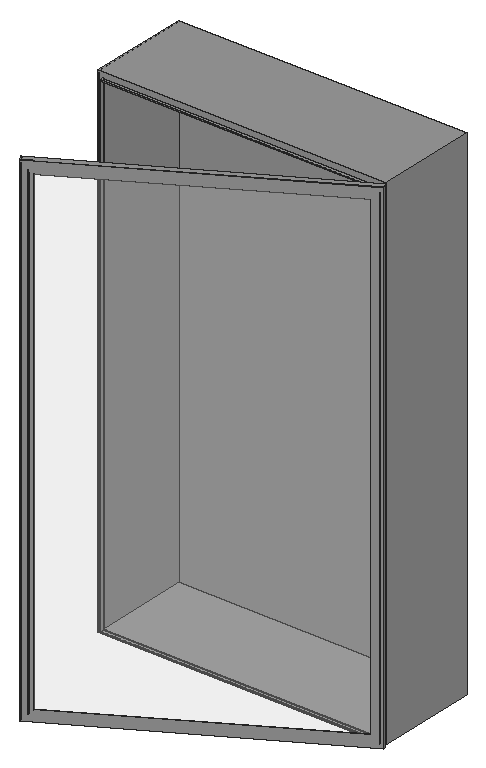
Revit family "Hager-Orion_Inox-IP66-D300-Cl.I-Inox_encl-630A-1400mm-NoHosted-CH-en", category Electrical Equipment, Revit 2020
Family settings
  Panel Configuration = Two Columns, Circuits Across
  Round Connector Dimension = Use Diameter
  Part Type = Panelboard
  Work Plane-Based = Yes
  Always vertical = Yes
  Cut with Voids When Loaded = No
  Shared = No
  Room Calculation Point = No
Parameters (values of type "Surface mounted (plaster) IP66 W800 H1400 D300  - FL049TWL")
  Width Control [instance] = if([EF000008 - Width] > Min Width, [EF000008 - Width], Min Width)  # 800 mm
  Type Comments = [HG000003 - Range]  # "Orion Inox"
  Thickness Door [instance] = if([EF009171 - Material plate thickness door/cover] > 3 mm, 3 mm, [EF009171 - Material plate thickness door/cover])  # 1.5 mm
  Seal Frame Offset [instance] = 17 mm  # constant formula
  Min Width [instance] = 100 mm  # constant formula
  Min Depth [instance] = (2 * [EF009170 - Material plate thickness cabinet]) + 1 mm  # 4 mm
  Min Height [instance] = 100 mm  # constant formula
  Internal Frame Depth [instance] = -(Door System Depth * 0.5)  # -9 mm
  Panel Name [instance] = ""  # (empty or 0)
  Model = ""
  HG000027 - Plinth height = 0 mm
  HG000026 - Floor standing = no
  HG000024 - Bottom section height = 600 mm
  HG000023 - Double section enclosure = no
  HG000016 - Door 3d visibility [instance] = yes
  HG000015 - Clearance visibility [instance] = no
  HG000014 - Door on the right [instance] = yes
  HG000013 - Door on the left [instance] = not([HG000014 - Door on the right])  # no
  HG000012 - Door swing angle [instance] = 30.00°
  HG000010 - Asymmetric doors = no
  HG000009 - Double swing door = no
  HG000006 - Flush mounted = no
  HG000004 - Manufacturer reference = "FL049TWL"
  HG000003 - Range = "Orion Inox"
  HG000002 - With door or cover = yes
  Frame Offset Bottom [instance] = 10 mm  # constant formula
  Frame Offset [instance] = 15 mm  # constant formula
  EF015940 - Cover with overpressure release = no
  EF011959 - Degree of protection (NEMA) = ""
  EF009554 - Number of openings for flange plates = 0
  EF009212 - Cover model = "EV000116 - Closed"
  EF009171 - Material plate thickness door/cover = 1.5 mm
  EF009170 - Material plate thickness cabinet = 1.5 mm
  EF008873 - Nominal current (In) = 630 A
  EF007800 - Suitable for lightning protection = no
  EF006306 - With lock = yes
  EF006244 - Transparent cover/door = yes
  EF005474 - Degree of protection (IP) = "EV006422 - IP66"
  EF004464 - Type of door = "EV002646 - Single"
  EF004427 - Number of modules = 0
  EF004293 - Impact strength = "EV006814 - IK08"
  EF003532 - Suitable for outdoor use = yes
  EF002950 - Width in number of modular spacings = 0
  EF001613 - Circuit integrity = "EV000494 - None"
  EF001596 - Material housing = "EV000166 - Stainless steel"
  EF001131 - Internal depth = 266 mm
  EF001088 - Extension possible = yes
  EF000437 - Number of conduit inlets = 0
  EF000339 - Type of cover = "EV004216 - Door"
  EF000266 - Number of rows = 0
  EF000218 - Built-in depth = 0 mm
  EF000118 - With mounting plate = no
  EF000116 - RAL-number = ""
  EF000049 - Depth = 300 mm
  EF000040 - Height = 1400 mm
  EF000008 - Width = 800 mm
  EF000007 - Colour = "EV000154 - Other"
  EF000003 - Mounting method = "EV000384 - Surface mounted (plaster)"
  Door System Leaf Tolerance [instance] = 1.5 mm  # constant formula
  Door System Depth [instance] = 18 mm  # constant formula
  Description = ""
  Default Elevation = 1219.2 mm
  Connector Offset [instance] = Height Control / 2  # 700 mm
  Manufacturer = "Hager"  # constant formula
  Height Control [instance] = if([EF000040 - Height] > Min Height, [EF000040 - Height], Min Height)  # 1400 mm
  Depth Control [instance] = if([EF000049 - Depth] > Min Depth, [EF000049 - Depth], Min Depth)  # 300 mm
Types (4, lengths in mm): name | HG000004 - Manufacturer reference | EF006244 - Transparent cover/door | EF004293 - Impact strength
  Surface mounted (plaster) IP66 W800 H1400 D300  - FL049BW | "FL049BW" | no | "EV008784 - IK10"
  Surface mounted (plaster) IP66 W800 H1400 D300  - FL049BWL | "FL049BWL" | no | "EV008784 - IK10"
  Surface mounted (plaster) IP66 W800 H1400 D300  - FL049TW | "FL049TW" | yes | "EV006814 - IK08"
  Surface mounted (plaster) IP66 W800 H1400 D300  - FL049TWL | "FL049TWL" | yes | "EV006814 - IK08"
Reference planes
  plane 1 "Center (Front/Back)": y = 0
  plane 2: z = 0
  plane 3 "Center (Left/Right)": x = 0
  plane 4: y = 0
  plane 5: y = 0
  plane 6: z = 0
  plane 7: x = -400
  plane 8: x = 400
  plane 9: x = 398.5
  plane 10: x = -398.5
  plane 11: z = 0
  plane 12: z = 1.5
  plane 13: y = -300
  plane 14: y = -1.5
  plane 15: x = 0
  plane 16: y = -282
  plane 17: y = -298.5
  plane 18: y = -280.5
  plane 19: x = -383.5
  plane 20: x = 383.5
  plane 21: z = 11.5
  plane 22: x = -383
  plane 23: x = 383
  plane 24: z = 0
  plane 25: z = 1400
  plane 26: z = 1400
  plane 27: z = 1383.5
  plane 28: z = 1398.5
Forms (mm)
  Extrusion 1, solid, material "Hager_Stainless_Steel", detail levels medium+fine
    sketch origin (-208.679, -4572, 0) x (-1, 0, 0) y (0, -1, 0)
      loop
        line (191.321, -4290) -> (-608.679, -4290) -> (-608.679, -4572) -> (191.321, -4572) -> (191.321, -4290)
    from 0 to 1400
  Extrusion 2, void
    sketch origin (-350.771, -300, 1219.2) x (1, 0, 0) y (0, 0, 1)
      loop
        line (-47.729, 179.3) -> (-47.729, -1217.7) -> (749.271, -1217.7) -> (749.271, 179.3) -> (-47.729, 179.3)
    from -19.5 to -298.5
  Extrusion 3, void
    sketch origin (-290.084, -282, 1219.2) x (1, 0, 0) y (0, 0, 1)
      loop
        line (-93.416, -1207.7) -> (673.584, -1207.7) -> (673.584, 164.3) -> (-93.416, 164.3) -> (-93.416, -1207.7)
    from 0 to -1.5
  Extrusion 4, solid, material "Hager_Stainless_Steel", detail levels fine
    sketch origin (-290.084, -282, 1219.2) x (-1, 0, 0) y (0, 0, 1)
      loop
        line (-673.584, -1207.7) -> (93.416, -1207.7) -> (93.416, 164.3) -> (-673.584, 164.3) -> (-673.584, -1207.7)
      loop
        line (-675.084, -1209.2) -> (94.916, -1209.2) -> (94.916, 165.8) -> (-675.084, 165.8) -> (-675.084, -1209.2)
    from 0 to -9 <- "Internal Frame Depth"
  Extrusion 5, solid, material "Hager_Stainless_Steel", detail levels coarse
    sketch origin (0, 0, 0) x (1, 0, 0) y (0, 1, 0)
      loop
        line (-400, 0) -> (-400, -300) -> (400, -300) -> (400, 0) -> (-400, 0)
    from 0 to 1400 <- "Height Control"
Cuts and joins
  Extrusion 2, Extrusion 3 cuts Extrusion 1
Lines and regions (mm)
  Masking region 1
    outline origin (0, 0, 0) x (1, 0, 0) y (0, 1, 0)
      loop
        line (-400, 0) -> (-400, -300) -> (400, -300) -> (400, 0) -> (-400, 0)
  Masking region 2
    outline origin (-290.084, -282, 1219.2) x (-1, 0, 0) y (0, 0, 1)
      loop
        line (-690.084, -1219.2) -> (109.916, -1219.2) -> (109.916, 180.8) -> (-690.084, 180.8) -> (-690.084, -1219.2)
  Masking region 3, detail levels coarse
    outline origin (0, 0, 0) x (0, 1, 0) y (0, 0, 1)
      loop
        line (0, 0) -> (0, 1400) -> (-300, 1400) -> (-300, 0) -> (0, 0)
  Masking region 4, detail levels medium+fine
    outline origin (0, 0, 594.038) x (0, 1, 0) y (0, 0, 1)
      loop
        line (0, -594.038) -> (0, 805.962) -> (-282, 805.962) -> (-282, -594.038) -> (0, -594.038)
Dimensions and locks
  locked: plane 1 "Center (Front/Back)" to plane 5
  "EF009170 - Material plate thickness cabinet": plane 7 to plane 10
  "EF009170 - Material plate thickness cabinet": plane 8 to plane 9
  equal spacing: plane 7, plane 3 "Center (Left/Right)", plane 8
  "Width Control": plane 7 to plane 8
  "Depth Control": plane 4 to plane 13
  "EF009170 - Material plate thickness cabinet": plane 4 to plane 14
  "Height Control": plane 25 to level
  "EF009170 - Material plate thickness cabinet": plane 12 to plane 11
  "EF009170 - Material plate thickness cabinet": plane 17 to plane 13
  "EF009170 - Material plate thickness cabinet": plane 18 to plane 16
  "Frame Offset Bottom": plane 21 to plane 12
  "Frame Offset": plane 10 to plane 19
  "Frame Offset": plane 9 to plane 20
  "Door System Depth": plane 16 to plane 13
  "Seal Frame Offset": plane 7 to plane 22
  "Seal Frame Offset": plane 8 to plane 23
  "EF009170 - Material plate thickness cabinet": plane 26 to plane 28
  "Frame Offset": plane 28 to plane 27
  "Connector Offset": plane 2 to connector elem
  "Thickness Door": cut or joined group of Extrusion 1, Extrusion 2, Extrusion 3 to Extrusion 4 sketch curve
  "Thickness Door": Extrusion 4 sketch curve to plane 19
  "Thickness Door": Extrusion 4 sketch curve to plane 20
  "Thickness Door": Extrusion 4 sketch curve to plane 27
  aligned and locked: Extrusion 2 sketch curve to plane 12
  aligned and locked: Extrusion 2 sketch curve to plane 9
  aligned and locked: Extrusion 2 sketch curve to plane 10
  aligned and locked: Extrusion 2 to plane 14
  aligned and locked: Extrusion 1 sketch curve to plane 4
  aligned and locked: plane 8 to Extrusion 1 sketch curve
  aligned and locked: plane 7 to Extrusion 1 sketch curve
  aligned and locked: Extrusion 2 to plane 18
  aligned and locked: Extrusion 3 sketch curve to plane 19
  aligned and locked: plane 20 to Extrusion 3 sketch curve
  aligned and locked: Extrusion 3 to Extrusion 2
  aligned and locked: Extrusion 3 sketch curve to plane 21
  aligned and locked: plane 3 "Center (Left/Right)" to nested 1
  aligned and locked: Extrusion 1 sketch curve to plane 16
  aligned and locked: Masking region 1 sketch curve to plane 7
  aligned and locked: Masking region 1 sketch curve to plane 5
  aligned and locked: Masking region 1 sketch curve to plane 8
  aligned and locked: Masking region 2 sketch curve to level
  aligned and locked: level to Masking region 3 sketch curve
  aligned and locked: plane 1 "Center (Front/Back)" to Masking region 3 sketch curve
  aligned and locked: plane 13 to Masking region 3 sketch curve
  aligned and locked: Masking region 2 sketch curve to plane 8
  aligned and locked: Masking region 2 sketch curve to plane 7
  aligned and locked: plane 7 to nested 2
  aligned and locked: nested 2 to plane 5
  aligned and locked: plane 5 to Masking region 4 sketch curve
  aligned and locked: plane 26 to Masking region 4 sketch curve
  aligned and locked: Extrusion 5 sketch curve to plane 8
  aligned and locked: Extrusion 5 sketch curve to plane 7
  aligned and locked: Extrusion 5 sketch curve to plane 5
  aligned and locked: Extrusion 3 sketch curve to plane 27
  aligned and locked: Extrusion 2 sketch curve to plane 28
  aligned and locked: Extrusion 4 sketch curve to plane 27
  aligned and locked: Extrusion 4 sketch curve to plane 20
  aligned and locked: Extrusion 4 sketch curve to plane 21
  aligned and locked: Extrusion 4 sketch curve to plane 19
  aligned and locked: Masking region 2 to plane 25
  aligned and locked: Masking region 4 sketch curve to plane 24
  aligned and locked: Masking region 1 to plane 13
  aligned and locked: nested 1 to plane 16
  aligned and locked: Masking region 3 to plane 25
  aligned and locked: Masking region 4 sketch curve to plane 16
  aligned and locked: plane 24 to plane 11
  aligned and locked: plane 26 to plane 25
  aligned and locked: level to plane 24
  aligned and locked: Extrusion 1 to Masking region 3
  aligned and locked: level to nested 1
Automatic sketch dimensions
  Extrusion 5 sketch curve to plane 13 = 0 mm
  plane 27 to Masking region 2 sketch curve = 16.5 mm
  plane 27 to Masking region 3 sketch curve = 16.5 mm
  Masking region 1 sketch curve to plane 13 = 0 mm
  Extrusion 3 sketch curve to plane 21 = 0 mm
  plane 19 to Extrusion 3 sketch curve = 0 mm
  Extrusion 3 sketch curve to plane 20 = 0 mm
Nested families
  nested 1: "EC000058_OrionInox_Door" at (0, -282, 0), Double <- "HG000009 - Double swing door", Transparent <- "EF006244 - Transparent cover/door", Angle <- "HG000012 - Door swing angle", Door_Right <- "HG000014 - Door on the right", Assymetrical <- "HG000010 - Asymmetric doors", Door <- "HG000002 - With door or cover", Width_Ctrl <- "Width Control", 3d_Door <- "HG000016 - Door 3d visibility", Clearance <- "HG000015 - Clearance visibility", Door_Left <- "HG000013 - Door on the left", Width <- "Width Control", Door_Depth <- "Door System Depth", Leaf_Tolerance <- "Door System Leaf Tolerance", Height <- "Height Control", Thickness <- "Thickness Door", type "EC000058_OrionInox_Door", detail levels medium+fine
    with min_wh 4 mm, Width_Ctrl 800 mm, Width 800 mm, Transparent yes, Thickness 1.5 mm, Seal_Material Hager_Rubber, Leaf_Width 800 mm, Leaf_Tolerance_External_Sides 0 mm, Leaf_Tolerance 1.5 mm, Leaf_Offset 0 mm, Leaf_Height 1397 mm, Leaf_2_Width 800 mm, Leaf_2_Offset 400 mm, Leaf_1_Width 800 mm, Leaf_1_Offset 400 mm, Height_Ctrl 1400 mm, Height 1400 mm, Glass_Material Hager_Glass, Double_Clearance_Ctrl no, Double no, Door_Right_Ctrl yes, Door_Right yes, Door_Material Hager_Stainless_Steel, Door_Left_Ctrl no, Door_Left no, Door_Depth 18 mm, Door yes, Clearance_Material Hager_Clearance, Clearance_Depth 800 mm, Clearance_Ctrl no, Clearance no, Assymetrical no, Angle 30.00°, 3d_Door yes
  nested 2: "Hager_Enclosure_Symbol" at (-400, 0, 0), Height <- "Depth Control", Width <- "Width Control", type "Hager_Enclosure_Symbol"
    with Width_Ctrl 800 mm, Width 800 mm, Height_Ctrl 300 mm, Height 300 mm, A_Width_Int 19.688 mm, A_Width 236.25 mm, A_Height_Ctrl 262.5 mm, A_Height 262.5 mm
Connectors
  electrical at (0, 0, 700)
    settings: on plane 1 "Center (Front/Back)", index 1, voltage 0 V, apparent load 0 VA, apparent load phase1 0 VA, apparent load phase2 0 VA, apparent load phase3 0 VA, power factor 1, load classification "Other", number of poles 1, system type 30, power factor state 1, is connector primary yes, connector utility no, sub classification motor no, connector description ""
Definition of nested family "EC000058_OrionInox_Door"
  Parameters (values of type "EC000058_OrionInox_Door")
    min_wh [instance] = (2 * Thickness) + 1 mm  # 11 mm
    Width_Ctrl [instance] = 400 mm
    Width [instance] = 500 mm
    Transparent [instance] = yes
    Thickness [instance] = 5 mm
    Seal_Material [instance] = none
    Leaf_Width [instance] = if((Width_Ctrl - 2 * Leaf_Tolerance_External_Sides) > 0 mm, (Width_Ctrl - 2 * Leaf_Tolerance_External_Sides), min_wh)  # 400 mm
    Leaf_Tolerance_External_Sides [instance] = 0 mm  # constant formula
    Leaf_Tolerance [instance] = 1.5 mm
    Leaf_Offset [instance] = 0 mm  # constant formula
    Leaf_Height [instance] = if((Height_Ctrl - 2 * Leaf_Tolerance) > 0 mm, (Height_Ctrl - 2 * Leaf_Tolerance), min_wh)  # 497 mm
    Leaf_2_Width [instance] = if(and(and(Double, Assymetrical), Door_Left), (Leaf_Width / 3) - (Leaf_Tolerance / 2), if(and(and(Double, Assymetrical), Door_Right), (Leaf_Width / 3) * 2 - (Leaf_Tolerance / 2), if(and(Double, not(Assymetrical)), (Leaf_Width / 2) - Leaf_Tolerance, Leaf_Width)))  # 400 mm
    Leaf_2_Offset [instance] = if(and(Double, Assymetrical), Leaf_2_Width / 2, if(and(Double, not(Assymetrical)), Leaf_Width / 4, Leaf_Width / 2))  # 200 mm
    Leaf_1_Width [instance] = if(and(and(Double, Assymetrical), Door_Right), (Leaf_Width / 3) - (Leaf_Tolerance / 2), if(and(and(Double, Assymetrical), Door_Left), (Width / 3) * 2 - (Leaf_Tolerance / 2), if(and(Double, not(Assymetrical)), (Leaf_Width / 2) - Leaf_Tolerance, Leaf_Width)))  # 400 mm
    Leaf_1_Offset [instance] = if(and(Double, Assymetrical), Leaf_1_Width / 2, if(and(Double, not(Assymetrical)), Leaf_Width / 4, Leaf_Width / 2))  # 200 mm
    Height_Ctrl [instance] = if(Height > min_wh, Height, min_wh)  # 500 mm
    Height [instance] = 500 mm
    Glass_Material [instance] = none
    Double_Clearance_Ctrl [instance] = and(Double, Clearance)  # no
    Double [instance] = no
    Door_Right_Ctrl [instance] = and(or(Door_Right, Double), Door)  # yes
    Door_Right [instance] = yes
    Door_Material [instance] = none
    Door_Left_Ctrl [instance] = and(or(Door_Left, Double), Door)  # no
    Door_Left [instance] = no
    Door_Depth [instance] = 30 mm
    Door [instance] = yes
    Default Elevation = 1219.2 mm
    Clearance_Material [instance] = none
    Clearance_Depth [instance] = if(Leaf_1_Width > Leaf_2_Width, Leaf_1_Width, Leaf_2_Width)  # 400 mm
    Clearance_Ctrl [instance] = and(not(Double), Clearance)  # yes
    Clearance [instance] = yes
    Assymetrical [instance] = yes
    Angle [instance] = 30.00°
    3d_Door [instance] = yes
  Reference planes
    plane 1 "Center (Front/Back)": y = 0
    plane 2 "Bottom": z = 0
    plane 3 "Center (Left/Right)": x = 0
    plane 4: z = 500
    plane 5: x = -200
    plane 6: x = 200
    plane 7: z = 500
    plane 8: x = -200
    plane 9: z = 0
    plane 10: x = 200
    plane 11: y = 0
    plane 12: z = 1.5
    plane 13: x = -600
    plane 14: y = -400
    plane 15: x = 600
    plane 16: x = 0
    plane 17: x = 0
    plane 18: x = -200
    plane 19: x = 200
    plane 20: z = 498.5
  Forms (mm)
    Extrusion 1, solid, material <- "Clearance_Material", visible <- "Double_Clearance_Ctrl"
      sketch origin (1200, 0, 0) x (1, 0, 0) y (0, 0, -1)
        loop
          line (-1800, -498.5) -> (-600, -498.5) -> (-600, 0) -> (-1800, 0) -> (-1800, -498.5)
      from 0 to -400
  Dimensions and locks
    equal spacing: plane 5, plane 3 "Center (Left/Right)", plane 6
    "Width_Ctrl": plane 5 to plane 6
    "Leaf_Offset": plane 5 to plane 8
    "Leaf_Offset": plane 6 to plane 10
    "Leaf_Offset": plane 9 to level
    "Leaf_Offset": plane 4 to plane 7
    "Height_Ctrl": plane 4 to level
    "Leaf_Tolerance": plane 12 to plane 9
    locked: plane 11 to plane 1 "Center (Front/Back)"
    "Leaf_1_Offset": plane 18 to plane 16
    "Leaf_2_Offset": plane 17 to plane 19
    "Leaf_1_Width": plane 13 to plane 8
    "Leaf_2_Width": plane 10 to plane 15
    "Clearance_Depth": plane 14 to plane 1 "Center (Front/Back)"
    "Leaf_Tolerance_External_Sides": plane 8 to plane 18
    "Leaf_Tolerance_External_Sides": plane 19 to plane 10
    "Leaf_Tolerance": plane 7 to plane 20
    aligned and locked: level to plane 2 "Bottom"
    aligned and locked: nested 1 to plane 16
    aligned and locked: nested 2 to plane 17
    aligned and locked: Extrusion 1 to plane 13
    aligned and locked: plane 15 to Extrusion 1
    aligned and locked: Extrusion 1 to plane 14
    aligned and locked: plane 12 to nested 1
    aligned and locked: nested 2 to plane 12
    aligned and locked: Extrusion 1 to plane 11
    aligned and locked: plane 20 to Extrusion 1
    aligned and locked: nested 2 to plane 11
    aligned and locked: nested 1 to plane 11
  Automatic sketch dimensions
    Extrusion 1 sketch curve to level = 0 mm
    plane 5 to Extrusion 1 sketch curve = 400 mm
    plane 6 to Extrusion 1 sketch curve = 400 mm
    Extrusion 1 sketch curve to plane 4 = 1.5 mm
  Nested families
    nested 1: "EC000058_OrionInox_Door_Leaf" at (0, 0, 1.5), Width <- "Leaf_1_Width", visible <- "Door_Left_Ctrl", Leaf_Height <- "Leaf_Height", Angle <- "Angle", 3d_Door <- "3d_Door", Transparent <- "Transparent", Clearance Material <- "Clearance_Material", Clearance <- "Clearance_Ctrl", Door_Material <- "Door_Material", Glass_Material <- "Glass_Material", Door_Depth <- "Door_Depth", Seal_Material <- "Seal_Material", Thickness <- "Thickness", type "EC000058_OrionInox_Door_Leaf"
      with Width 400 mm, Transparent_Ctrl yes, Transparent yes, Thickness 5 mm, Standard no, Seal_Material none, Seal_D2 8 mm, Seal_D1 1 mm, Offset_Internal_Frame 10 mm, Lock_Width 28 mm, Lock_Thickness 2 mm, Lock_Radius 6 mm, Leaf_Height 497 mm, Internal_Seal_Thickness 8 mm, Internal_Seal_Depth_2 4.5 mm, Internal_Frame_Depth 25 mm, Glass_Thickness -1 mm, Glass_Offset -2 mm, Glass_Material none, Door_Material none, Door_Depth 30 mm, Clearance Material none, Clearance yes, Angle_Ctrl 30.00°, Angle 30.00°, 3d_Door yes
    nested 2: "EC000058_OrionInox_Door_Leaf" at (0, 0, 1.5) x (-1, 0, 0) z (0, 0, 1), Width <- "Leaf_2_Width", visible <- "Door_Right_Ctrl", Leaf_Height <- "Leaf_Height", Angle <- "Angle", 3d_Door <- "3d_Door", Transparent <- "Transparent", Clearance Material <- "Clearance_Material", Clearance <- "Clearance_Ctrl", Door_Material <- "Door_Material", Glass_Material <- "Glass_Material", Door_Depth <- "Door_Depth", Seal_Material <- "Seal_Material", Thickness <- "Thickness", type "EC000058_OrionInox_Door_Leaf"
      with Width 400 mm, Transparent_Ctrl yes, Transparent yes, Thickness 5 mm, Standard no, Seal_Material none, Seal_D2 8 mm, Seal_D1 1 mm, Offset_Internal_Frame 10 mm, Lock_Width 28 mm, Lock_Thickness 2 mm, Lock_Radius 6 mm, Leaf_Height 497 mm, Internal_Seal_Thickness 8 mm, Internal_Seal_Depth_2 4.5 mm, Internal_Frame_Depth 25 mm, Glass_Thickness -1 mm, Glass_Offset -2 mm, Glass_Material none, Door_Material none, Door_Depth 30 mm, Clearance Material none, Clearance yes, Angle_Ctrl 30.00°, Angle 30.00°, 3d_Door yes
  Definition of nested family "EC000058_OrionInox_Door_Leaf"
    Parameters (values of type "EC000058_OrionInox_Door_Leaf")
      Width [instance] = 450 mm
      Transparent_Ctrl [instance] = and(Transparent, [3d_Door])  # yes
      Transparent [instance] = yes
      Thickness [instance] = 5 mm
      Standard [instance] = and(not(Transparent), [3d_Door])  # no
      Seal_Material [instance] = none
      Seal_D2 [instance] = 8 mm  # constant formula
      Seal_D1 [instance] = 1 mm  # constant formula
      Offset_Internal_Frame [instance] = 10 mm  # constant formula
      Lock_Width [instance] = Door_Depth - Lock_Thickness  # 28 mm
      Lock_Thickness [instance] = 2 mm  # constant formula
      Lock_Radius [instance] = 6 mm  # constant formula
      Leaf_Height [instance] = 450 mm
      Internal_Seal_Thickness [instance] = 8 mm  # constant formula
      Internal_Seal_Depth_2 [instance] = 4.5 mm  # constant formula
      Internal_Frame_Depth [instance] = if(Door_Depth - Thickness > 5 mm, Door_Depth - Thickness, 5 mm)  # 25 mm
      Glass_Thickness [instance] = if(Thickness > 15 mm, Glass_Offset + 10 mm, -1 mm)  # -1 mm
      Glass_Offset [instance] = if(Thickness > 15 mm, -(Thickness + 10 mm) / 2, -2 mm)  # -2 mm
      Glass_Material [instance] = none
      Door_Material [instance] = none
      Door_Depth [instance] = 30 mm
      Default Elevation = 0 mm
      Clearance Material [instance] = none
      Clearance [instance] = yes
      Angle_Ctrl [instance] = if(Angle > 180.00°, 180.00°, Angle)  # 90.00°
      Angle [instance] = 90.00°
      3d_Door [instance] = yes
    Reference planes
      plane 1 "Center (Front/Back)": y = 0
      plane 2: z = 0
      plane 3 "Center (Left/Right)": x = 0
      plane 4: y = 450
      plane 5: x = -225
      plane 6: x = 225
      plane 7: x = -675
      plane 8: z = 450
      plane 9: z = 30
      plane 10: z = 420
      plane 11: x = 195
      plane 12: x = -195
      plane 13: y = -3
      plane 14: z = 107.833
      plane 15: y = -5
      plane 16: y = -223.314
      plane 17: x = -225
      plane 18: y = 30
    Forms (mm)
      Extrusion 1, solid, material <- "Clearance Material", visible <- "Clearance"
        sketch origin (0, 0, 0) x (1, 0, 0) y (0, 0, 1)
          loop
            line (-675, 450) -> (-675, 0) -> (225, 0) -> (225, 450) -> (-675, 450)
        from 0 to -450
      Extrusion 2, solid, material <- "Door_Material", visible <- "Standard", detail levels medium+fine
        sketch origin (-225, 0, 0) x (0, 1, 0) y (-1, 0, 0)
          loop
            line (0, 30) -> (0, 25) -> (450, 25) -> (450, 30) -> (0, 30)
        from 0 to 450 <- "Leaf_Height"
      Extrusion 3, solid, material <- "Door_Material", visible <- "Transparent_Ctrl", detail levels medium+fine
        sketch origin (-225, 0, 0) x (0, 1, 0) y (-1, 0, 0)
          loop
            line (0, 25) -> (450, 25) -> (450, 30) -> (0, 30) -> (0, 25)
        from 0 to 450 <- "Leaf_Height"
      Extrusion 4, void
        sketch origin (-250, 450, 0) x (0, 1, 0) y (0, 0, -1)
          loop
            line (-30, -420) -> (-30, -30) -> (-420, -30) -> (-420, -420) -> (-30, -420)
        from 0 to 5 <- "Thickness"
      Sweep 5, solid, material <- "Seal_Material", visible <- "Transparent_Ctrl", detail levels fine
        path in 3D
          loop
            line (-250, 30, 30) -> (-250, 30, 420) -> (-250, 420, 420) -> (-250, 420, 30) -> (-250, 30, 30)
        profile origin (-250, 225, 30) x (1, 0, 0) y (0, 0, 1)
          loop
            line (0, 0) -> (0, -8) -> (1, -8) -> (1, 0) -> (0, 0)
      Extrusion 6, solid, material <- "Glass_Material", visible <- "Transparent_Ctrl", detail levels medium+fine
        sketch origin (-255, 0, 0) x (0, 1, 0) y (0, 0, -1)
          loop
            line (420, -420) -> (420, -30) -> (30, -30) -> (30, -420) -> (420, -420)
        from -2 <- "Glass_Offset" to -1 <- "Glass_Thickness"
      Extrusion 7, solid, material <- "Door_Material", visible <- "3d_Door", detail levels medium+fine
        sketch origin (-250, 450, 0) x (0, -1, 0) y (0, 0, -1)
          loop
            line (0, -450) -> (450, -450) -> (450, 0) -> (0, 0) -> (0, -450)
          loop
            line (445, -5) -> (5, -5) -> (5, -445) -> (445, -445) -> (445, -5)
        from 0 to 25 <- "Internal_Frame_Depth"
      Sweep 8, solid, material <- "Seal_Material", visible <- "Transparent_Ctrl", detail levels fine
        path in 3D
          loop
            line (-250, 0, 0) -> (-250, 450, 0) -> (-250, 450, 450) -> (-250, 0, 450) -> (-250, 0, 0)
        profile origin (-250, 0, 225) x (1, 0, 0) y (0, 1, 0)
          loop
            line (0, 10) -> (2.975, 10)
            arc (2.975, 10) -> (4.053, 10.447) -> (4.5, 11.525) r 1.525
            line (4.5, 11.525) -> (4.5, 16.527)
            arc (4.5, 16.527) -> (4.069, 17.569) -> (3.027, 18) r 1.473
            line (3.027, 18) -> (0, 18) -> (0, 10)
    Cuts and joins
      Extrusion 4 cuts Extrusion 3
    Lines and regions (mm)
      Masking region 1, detail levels medium+fine
        outline origin (0, 0, 0) x (0, 1, 0) y (0, 0, 1)
          loop
            line (0, 0) -> (30, 0) -> (30, 450) -> (0, 450) -> (0, 0)
      Masking region 2, detail levels medium+fine
        outline origin (0, 0, 0) x (1, 0, 0) y (0, 0, 1)
          loop
            line (-225, 450) -> (-225, 0) -> (225, 0) -> (225, 450) -> (-225, 450)
      symbolic lines
        curve 1: line (225, 0, 0) -> (-675, 0, 0)
        curve 2: arc (225, 0, 0) -> (-225, 450, 0) -> (-675, 0, 0) r 450
        curve 4: line (-255, 0, 0) -> (-255, 450, 0)
      reference lines
        curve 3: line (-225, 0, 0) -> (-225, 450, 0)
      symbolic lines, detail levels medium+fine
        curve 5: line (-255, 450, 0) -> (-250, 450, 0)
        curve 7: line (-250, 0, 0) -> (-255, 0, 0)
        curve 8: line (-250, 0, 0) -> (-225, 0, 0)
        curve 9: line (-225, 0, 0) -> (-225, 450, 0)
        curve 10: line (-225, 450, 0) -> (-250, 450, 0)
      symbolic lines, detail levels fine
        curve 6: line (-250, 450, 0) -> (-250, 0, 0)
      sketch lines
        curve 11: line (-250, 0, 450) -> (-250, 0, 0)
        curve 12: line (-250, 450, 0) -> (-250, 0, 0)
        curve 13: line (-250, 450, 450) -> (-250, 450, 0)
        curve 14: line (-250, 0, 450) -> (-250, 450, 450)
        curve 15: line (-250, 420, 30) -> (-250, 30, 30)
        curve 16: line (-250, 30, 30) -> (-250, 30, 420)
        curve 17: line (-250, 420, 420) -> (-250, 420, 30)
        curve 18: line (-250, 30, 420) -> (-250, 420, 420)
      symbolic lines, visible <- "Transparent", detail levels medium+fine
        curve 19: line (-195, 0, 420) -> (195, 0, 420)
        curve 20: line (-195, 0, 30) -> (-195, 0, 420)
        curve 21: line (195, 0, 30) -> (-195, 0, 30)
        curve 22: line (195, 0, 420) -> (195, 0, 30)
    Dimensions and locks
      "Width": plane 1 "Center (Front/Back)" to plane 4
      equal spacing: plane 5, plane 3 "Center (Left/Right)", plane 6
      "Width": plane 5 to plane 6
      "Width": plane 7 to plane 5
      "Leaf_Height": plane 8 to level
      "Width": curve 5 to curve 3
      "Width": curve 3 to curve 3
      plane 8 to plane 10 = 30 mm
      plane 9 to level = 30 mm
      plane 12 to plane 5 = 30 mm
      plane 6 to plane 11 = 30 mm
      Extrusion 4 sketch curve to Extrusion 3 = 30 mm
      Extrusion 3 to Extrusion 4 sketch curve = 30 mm
      Extrusion 1 to Extrusion 4 sketch curve = 30 mm
      curve 3 to Extrusion 4 sketch curve = 30 mm
      Extrusion 4 sketch curve to cut or joined group of Extrusion 3, Extrusion 4 = 30 mm
      cut or joined group of Extrusion 3, Extrusion 4 to Extrusion 6 sketch curve = 30 mm
      cut or joined group of Extrusion 3, Extrusion 4 to Extrusion 4 sketch curve = 30 mm
      "Thickness": curve 6 to curve 4
      "Thickness": Extrusion 7 sketch curve to Extrusion 7 sketch curve  (x4)
      "Door_Depth": curve 4 to curve 3
      "Offset_Internal_Frame": profile plane to Sweep 8 sketch curve
      "Internal_Seal_Thickness": Sweep 8 sketch curve to Sweep 8 sketch curve
      "Internal_Seal_Depth_2": profile plane to Sweep 8 sketch curve
      "Seal_D1": profile plane to Sweep 5 sketch curve
      "Seal_D2": profile plane to Sweep 5 sketch curve
      "Thickness": Extrusion 2 sketch curve to Extrusion 2 sketch curve
      "Door_Depth": plane 18 to plane 1 "Center (Front/Back)"
      radius of Sweep 8 sketch curve = 1.525 mm
      radius of Sweep 8 sketch curve = 1.473 mm
      "Angle_Ctrl": angle plane 1 "Center (Front/Back)" to curve 3
      aligned and locked: level to plane 2
      aligned and locked: Extrusion 1 to curve 1
      aligned and locked: plane 6 to Extrusion 1
      aligned and locked: plane 1 "Center (Front/Back)" to Extrusion 1
      aligned and locked: plane 4 to Extrusion 1
      aligned and locked: plane 8 to Extrusion 1
      aligned and locked: curve 7 to Extrusion 2 sketch curve
      aligned and locked: curve 5 to Extrusion 2 sketch curve
      aligned and locked: curve 7 to Extrusion 3 sketch curve
      aligned and locked: Extrusion 3 sketch curve to curve 4
      aligned and locked: Extrusion 3 sketch curve to curve 6
      aligned and locked: Extrusion 3 sketch curve to curve 5
      aligned and locked: curve 9 to curve 3
      aligned and locked: Extrusion 7 sketch curve to cut or joined group of Extrusion 3, Extrusion 4  (x4)
      aligned and locked: plane 17 to curve 3
      aligned and locked: plane 1 "Center (Front/Back)" to curve 3
      aligned and locked: plane 17 to plane 5
      aligned and locked: Sweep 8 sketch curve to profile plane
      aligned and locked: Sweep 5 sketch curve to profile plane  (x2)
      aligned and locked: plane 1 "Center (Front/Back)" to Masking region 1 sketch curve
      aligned and locked: plane 18 to Masking region 1 sketch curve
      aligned and locked: level to Masking region 1 sketch curve
      aligned and locked: Masking region 1 sketch curve to plane 8
      aligned and locked: plane 17 to Masking region 2 sketch curve
      aligned and locked: level to Masking region 2 sketch curve
      aligned and locked: Masking region 2 sketch curve to plane 8
      aligned and locked: plane 12 to curve 20
      aligned and locked: plane 10 to curve 19
      aligned and locked: plane 11 to curve 22
      aligned and locked: plane 9 to curve 21
      aligned and locked: Extrusion 2 sketch curve to cut or joined group of Extrusion 3, Extrusion 4
    Automatic sketch dimensions
      plane 1 "Center (Front/Back)" to curve 2 = 0 mm
      curve 2 to plane 5 = 0 mm
      Extrusion 1 sketch curve to level = 0 mm
      Extrusion 1 sketch curve to plane 7 = 0 mm
      Extrusion 1 sketch curve to plane 6 = 0 mm
      Extrusion 1 sketch curve to plane 8 = 0 mm
      Extrusion 3 to Extrusion 6 sketch curve = 30 mm  (x4)
      Masking region 2 sketch curve to plane 6 = 0 mm
      curve 4 to curve 3 = 0 mm
Definition of nested family "Hager_Enclosure_Symbol"
  Parameters (values of type "Hager_Enclosure_Symbol")
    Width_Ctrl [instance] = if(Width > 1 mm, Width, 1 mm)  # 102.27 mm
    Width [instance] = 102.27 mm
    Height_Ctrl [instance] = if(Height > 1 mm, Height, 1 mm)  # 66.5 mm
    A_Width_Int [instance] = if(A_Width / 12 > 2 mm, A_Width / 12, 2 mm)  # 4.364 mm
    A_Width [instance] = if(A_Height_Ctrl * 0.9 > 2 mm, A_Height_Ctrl * 0.9, 2 mm)  # 52.369 mm
    A_Height_Ctrl [instance] = if(A_Height > 2 mm, A_Height, 2 mm)  # 58.188 mm
    Height [instance] = 66.5 mm
    A_Height [instance] = Height - (Height / 8)  # 58.188 mm
  Reference planes
    plane 1 "Centre (avant/arrière)": y = 0
    plane 2: z = 0
    plane 3 "Centre (gauche/droite)": x = 0
    plane 4: x = 52.369
    plane 5: y = 33.042
    plane 6: y = 41.77
    plane 7: y = 66.5
    plane 8: x = 26.184
    plane 9: y = 37.406
    plane 10: x = 102.27
    plane 11: y = 66.5
    plane 12: y = 8.313
  Lines and regions (mm)
    Filled region 1, type "Solid_Black", in view "Niveau de réf."
      outline origin (0, 0, 0) x (1, 0, 0) y (0, 1, 0)
        loop
          line (52.369, 66.5) -> (33.188, 54.536) -> (45.365, 45.006) -> (52.369, 66.5)
    Filled region 2, type "Solid_Black", in view "Niveau de réf."
      outline origin (0, 0, 0) x (1, 0, 0) y (0, 1, 0)
        loop
          line (0, 0) -> (102.27, 0) -> (102.27, 66.5) -> (0, 0)
    detail lines, in view "Niveau de réf."
      curve 1: line (0, 8.313, 0) -> (26.184, 41.77, 0)
      curve 2: line (26.184, 41.77, 0) -> (26.184, 33.042, 0)
      curve 3: line (26.184, 33.042, 0) -> (52.369, 66.5, 0)
  Dimensions and locks
    "A_Width": plane 3 "Centre (gauche/droite)" to plane 4
    equal spacing: plane 3 "Centre (gauche/droite)", plane 8, plane 4
    equal spacing: plane 6, plane 9, plane 5
    equal spacing: curve 3, Filled region 1 sketch curve, Filled region 1 sketch curve
    "Height_Ctrl": plane 1 "Centre (avant/arrière)" to plane 11
    "A_Height_Ctrl": plane 11 to plane 12
    equal spacing: plane 11, plane 9, plane 12
    "A_Width_Int": plane 6 to plane 9
    "Width_Ctrl": plane 3 "Centre (gauche/droite)" to plane 10
    angle Filled region 1 sketch curve to curve 3 = 20.00°
    angle curve 3 to Filled region 1 sketch curve = 20.00°
    locked: curve 3 to Filled region 1 sketch curve (angle 90.00°)
    aligned and locked: plane 10 to Filled region 2
    aligned and locked: plane 11 to Filled region 2 sketch curve
    aligned and locked: plane 10 to Filled region 2 sketch curve
    aligned and locked: plane 3 "Centre (gauche/droite)" to curve 1
    aligned and locked: plane 12 to curve 1
    aligned and locked: plane 7 to plane 11
  Automatic sketch dimensions
    Filled region 1 sketch curve to plane 4 = 0 mm
    Filled region 1 sketch curve to plane 7 = 0 mm
    plane 1 "Centre (avant/arrière)" to Filled region 2 sketch curve = 0 mm
    Filled region 2 sketch curve to plane 3 "Centre (gauche/droite)" = 0 mm
    curve 2 to plane 6 = 0 mm
    curve 2 to plane 8 = 0 mm
    curve 3 to plane 4 = 0 mm
    curve 2 to plane 5 = 0 mm
    curve 3 to plane 7 = 0 mm
